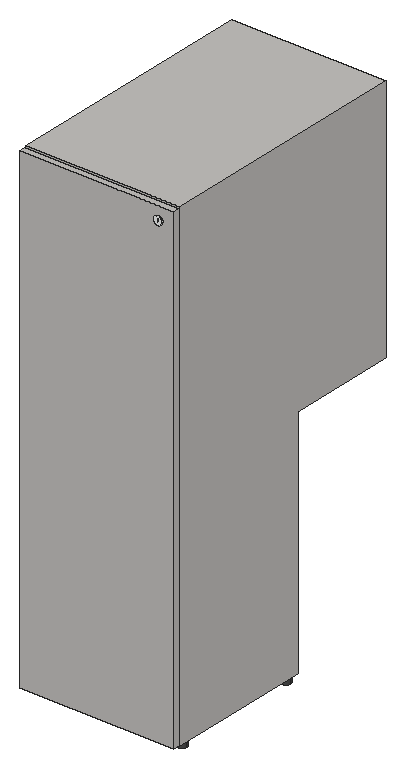
Revit family "Storage-Freestanding-Teknion-JNFBS_Beam_Tower_with_Solid_Door-R2016", category Furniture, Revit 2016
Family settings
  OmniClass Number = 23.40.20.00
  OmniClass Title = General Furniture and Specialties
  Work Plane-Based = No
  Always vertical = Yes
  Cut with Voids When Loaded = No
  Shared = Yes
  Room Calculation Point = No
Parameters (values of type "End of Station W/ Shelves")
  Width [instance] = 18.000"
  Warranty = "http://www.teknion.com/ca/papers/legal-canada"
  Unit Weight URL = "http://www.teknion.com/ca/tools/assets#&asset=bee6a381-b954-425e-8283-5a2de3a804f2,f828d448-4b62-4231-9e5f-9a8991c0ed77"
  URL = "www.teknion.com"
  Sustainability Data = "http://www.teknion.com/ca/tools/assets#&topic=216f99a5-57a0-44fc-b10a-9dee9b29ae4c&asset=444deb64-fe58-4b68-981e-f75e97781df7"
  Structural Post Visiblity [instance] = or(Has End of Station Storage Structural Post, [Has In-Line Storage Structural Post])  # yes
  Series = "CityLine"  # constant formula
  Product Page URL = "http://www.teknion.com/ca/products/product-details?productlineid=9ad2a26e-8e7a-673b-a6c8-ff05004460c4"
  Product Line = "CityLine"  # constant formula
  Product Documentation Link = "http://www.teknion.com/pricing/expansion-cityline/pdfs/JNFBS_ppg.pdf"
  Part Number = "JNFBS"  # constant formula
  Model = "JNFBSSS___E"
  Manufacturer Phone = "416-661-3370"  # constant formula
  Manufacturer Fax = "416.661.4586"  # constant formula
  Manufacturer Contact Information = "http://www.teknion.com/ca/contactus"
  Manufacturer Address = "1150 Flint Road, Toronto, ON. M3J 2J5. Canada"  # constant formula
  Manufacturer = "Teknion"  # constant formula
  Leg Paint Finish [instance] = Paint - Teknion - Mica - Very White
  In-Line = no
  Height [instance] = 57.000"
  Has In-Line Storage Structural Post [instance] = yes
  Has End of Station Storage Structural Post [instance] = no
  End of Station Offset = if(End of Station, 1.016", 0.000")  # 1.016"
  End of Station = yes
  End Of Station Feet Offset [instance] = if(End of Station, if(Depth = 30.000", 12.898", 6.898"), 0.000")  # 12.898"
  Door Front Finish [instance] = Laminate - Teknion - RV - Very White
  Description = "Beam Tower with Full Solid Door - Shelves, End of Station"
  Depth [instance] = 30.000"
  Case Finish [instance] = Laminate - Teknion - RV - Very White
  Bracket offset [instance] = if(Has End of Station Storage Structural Post, 3.150", 1.575")  # 1.575"
  Bracket Note [instance] = "Please choose one of the following below, if a Structural Post is needed."  # constant formula
  Available Width [instance] = "12, and 18 Inches"  # constant formula
  Available Heights [instance] = "42, 51, and 57 Inches"  # constant formula
  Available Depths [instance] = "24 and 30 Inches"  # constant formula
  Assembly Code = "E2020200"
  Actual Height [instance] = if(Height = 51.000", 50.830", Height)  # 57.000"
  Actual Depth [instance] = if(Depth = 24.000", 24.898", 30.898")  # 30.898"
Types (5): name | Width | Model | In-Line | Height | Has End of Station Storage Structural Post | End of Station Offset | End of Station | End Of Station Feet Offset | Description | Depth | Bracket offset | Actual Height | Actual Depth
  (no name) | 18.000" | "JNFBSSS___E" | no | 57.000" | no | 1.016" | yes | 12.898" | "Beam Tower with Full Solid Door - Shelves, End of Station" | 30.000" | 1.575" | 57.000" | 30.898"
  End of Station W/ Shelves | 18.000" | "JNFBSSS___E" | no | 57.000" | no | 1.016" | yes | 12.898" | "Beam Tower with Full Solid Door - Shelves, End of Station" | 30.000" | 1.575" | 57.000" | 30.898"
  In-Line W/ Shelves | 18.000" | "JNFBSSS___I" | yes | 57.000" | no | 0.000" | no | 0.000" | "Beam Tower with Full Solid Door - Shelves, In-Line Position" | 30.000" | 1.575" | 57.000" | 30.898"
  In-Line W/ Wardrobe | 18.000" | "JNFBSSW___I" | yes | 57.000" | no | 0.000" | no | 0.000" | "Beam Tower with Full Solid Door - Wardrobe, In-Line Position" | 30.000" | 1.575" | 57.000" | 30.898"
  End of Station W/ Wardrobe | 12.000" | "JNFBSSW___E" | no | 51.000" | yes | 1.016" | yes | 6.898" | "Beam Tower with Full Solid Door - Wardrobe, End of Station" | 24.000" | 3.150" | 50.830" | 24.898"
Reference planes (in)
  plane 1 "Center Front/Back": y = -3
  plane 2: z = 0
  plane 3 "Center Left/Right": x = 0
  plane 4 "Left": x = -9
  plane 5 "Right": x = 9
  plane 6 "Back": y = 12.449
  plane 7 "Front": y = -18.449
  plane 8 "Top": z = 57
  plane 9: z = 27.98425
  plane 10: y = -0.449
  plane 11: x = -7.984
  plane 12: y = -17.74821
  plane 13: y = -17.55136
  plane 14: z = 0.60236
  plane 15: y = -16.55136
  plane 16: x = 8.49
  plane 17: y = -1.449
  plane 18: y = 11.449
  plane 19: x = -8.49
  plane 20: x = 7.17
  plane 21: z = 55.313
  plane 22: z = 0.72047
  plane 23: z = 56.88189
  plane 24: y = -18.50806
  plane 25: x = -8.45713
  plane 26: x = -5.82327
  plane 27: y = 14.02361
  plane 28: x = -7.83508
  plane 29: y = 12.82282
  plane 30: y = 12.07479
  plane 31: z = 27.07185
  plane 32: x = -7.87642
  plane 33: z = 23.7874
  plane 34: x = -8.45713
  plane 35: y = 13.90569
  plane 36: y = 10.99231
  plane 37: z = 27.07185
  plane 38: z = 23.7874
  plane 39: x = -7.83508
  plane 40: x = -6.33508
  plane 41: y = 13.199
  plane 42: y = 11.699
  plane 43: z = 1
  plane 44: z = 23.59941
  plane 45: z = 27.25984
  plane 46: z = 23.7874
  plane 47: z = 27.07185
  plane 48: x = -7.68941
  plane 49: x = -6.48075
  plane 50: y = 13.05333
  plane 51: y = 11.84467
  plane 52: y = 10.874
Forms (in)
  Extrusion 1, solid, material "Laminate - Teknion - RV - Very White" <- "Case Finish"
    sketch origin (5.266, 5.85236, 0) x (1, 0, 0) y (0, 1, 0)
      loop
        line (-14.266, 6.59664) -> (-14.266, -23.40372) -> (3.734, -23.40372) -> (3.734, 6.59664) -> (-14.266, 6.59664)
    from 0.60236 to 57
  Extrusion 2, void
    sketch origin (0, 0, 0) x (1, 0, 0) y (0, 1, 0)
      loop
        line (-7.984, 12.449) -> (-7.984, -0.449) -> (9, -0.449) -> (9, 12.449) -> (-7.984, 12.449)
    from 0 to 27.98425
  Extrusion 3, solid, material "Laminate - Teknion - RV - Very White" <- "Door Front Finish"
    sketch origin (0, 0, 0) x (1, 0, 0) y (0, 1, 0)
      loop
        line (-9, -17.74821) -> (-9, -18.449) -> (9, -18.449) -> (9, -17.74821) -> (-9, -17.74821)
    from 0.72047 to 56.88189
  Extrusion 4, solid, material "Plastic - Teknion - E - Ebony"
    sketch origin (0, 0, 0) x (1, 0, 0) y (0, 1, 0)
      loop
        circle (-8.49, 11.449) r 0.5
      loop
        circle (8.49, -1.449) r 0.5
      loop
        circle (8.49, -16.55136) r 0.5
      loop
        circle (-8.49, -16.55136) r 0.5
    from 0 to 0.60236
  Extrusion 5, solid, material "Paint - Teknion - Mica - Very White"
    sketch origin (0, -3, 0) x (1, 0, 0) y (0, 0, 1)
      loop
        line (7.121, 55.5) -> (7.121, 55.126) -> (7.219, 55.126) -> (7.219, 55.5) -> (7.121, 55.5)
      loop
        circle (7.17, 55.313) r 0.5
    from 15.449 to 15.50806
  Extrusion 6, solid, material "Paint - Teknion - Mica - Very White" <- "Leg Paint Finish", visible <- "Structural Post Visiblity"
    sketch origin (0, 0, 0) x (1, 0, 0) y (0, 1, 0)
      loop
        line (-8.45713, 12.82282) -> (-7.83508, 12.82282) -> (-7.83508, 12.07479) -> (-8.45713, 12.07479) -> (-8.45713, 10.874) -> (-5.82327, 10.874) -> (-5.82327, 14.02361) -> (-8.45713, 14.02361) -> (-8.45713, 12.82282)
    from 23.59941 to 27.25984
  Extrusion 7, void
    sketch origin (0, -3, 0) x (1, 0, 0) y (0, 0, 1)
      loop
        line (-8.45713, 23.7874) -> (-7.87642, 23.7874) -> (-7.87642, 27.07185) -> (-8.45713, 27.07185) -> (-8.45713, 23.7874)
    from -17.02361 to -13.199
  Extrusion 8, void
    sketch origin (9, 0, 0) x (0, 1, 0) y (0, 0, -1)
      loop
        line (13.90569, -27.07185) -> (13.90569, -23.7874) -> (10.99231, -23.7874) -> (10.99231, -27.07185) -> (13.90569, -27.07185)
    from 14.82327 to 17.45713
  Extrusion 9, solid, material "Paint - Teknion - Mica - Very White" <- "Leg Paint Finish", visible <- "Structural Post Visiblity"
    sketch origin (0, 0, 0) x (1, 0, 0) y (0, 1, 0)
      loop
        line (-7.83508, 13.199) -> (-7.83508, 11.699) -> (-6.33508, 11.699) -> (-6.33508, 13.199) -> (-7.83508, 13.199)
    from 1 to 23.59941
  Extrusion 10, solid, material "Paint - Teknion - Mica - Very White" <- "Leg Paint Finish", visible <- "Structural Post Visiblity"
    sketch origin (0, 0, 0) x (1, 0, 0) y (0, 1, 0)
      loop
        line (-7.68941, 13.05333) -> (-7.68941, 11.84467) -> (-6.48075, 11.84467) -> (-6.48075, 13.05333) -> (-7.68941, 13.05333)
    from 0 to 1
Cuts and joins
  Extrusion 2 cuts Extrusion 1
  Extrusion 7 cuts Extrusion 3
  Extrusion 7, Extrusion 8 cuts Extrusion 6
Lines and regions (in)
  Masking region 1
    outline origin (0, 0, 0) x (1, 0, 0) y (0, 1, 0)
      loop
        line (-9, 12.449) -> (-9, -17.55136) -> (9, -17.55136) -> (9, 12.449) -> (-9, 12.449)
      loop
        line (-9, -17.74821) -> (-9, -18.449) -> (9, -18.449) -> (9, -17.74821) -> (-9, -17.74821)
  Masking region 2
    outline origin (0, 0, 0) x (1, 0, 0) y (0, 1, 0)
      loop
        line (6.66903, -18.449) -> (6.66903, -18.50806) -> (7.66903, -18.50806) -> (7.66903, -18.449) -> (6.66903, -18.449)
  Masking region 3, visible <- "Structural Post Visiblity", detail levels medium+fine
    outline origin (0, 0, 0) x (1, 0, 0) y (0, 1, 0)
      loop
        line (-8.45713, 14.02361) -> (-8.45713, 12.82282) -> (-7.83508, 12.82282) -> (-7.83508, 12.07479) -> (-8.45713, 12.07479) -> (-8.45713, 10.874) -> (-5.82327, 10.874) -> (-5.82327, 14.02361) -> (-8.45713, 14.02361)
  symbolic lines, style "FurnitureHiddenLines", detail levels medium+fine
    curve 1: line (-7.984, -0.449, 0) -> (9, -0.449, 0)
    curve 2: line (-7.984, -0.449, 0) -> (-7.984, 12.449, 0)
  symbolic lines, style "FurnitureHiddenLines", visible <- "Structural Post Visiblity", detail levels fine
    curve 3: arc (-7.99, 11.449, 0) -> (-8.49, 11.949, 0) -> (-8.99, 11.449, 0) r 0.5
    curve 4: arc (-8.99, 11.449, 0) -> (-8.49, 10.949, 0) -> (-7.99, 11.449, 0) r 0.5
    curve 19: line (-7.68941, 11.84467, 0) -> (-6.48075, 11.84467, 0)
    curve 20: line (-6.48075, 11.84467, 0) -> (-6.48075, 13.05333, 0)
    curve 21: line (-6.48075, 13.05333, 0) -> (-7.68941, 13.05333, 0)
    curve 22: line (-7.68941, 13.05333, 0) -> (-7.68941, 11.84467, 0)
  symbolic lines, style "FurnitureHiddenLines", detail levels fine
    curve 5: arc (8.99, -1.449, 0) -> (8.49, -0.949, 0) -> (7.99, -1.449, 0) r 0.5
    curve 6: arc (7.99, -1.449, 0) -> (8.49, -1.949, 0) -> (8.99, -1.449, 0) r 0.5
    curve 7: arc (8.99, -16.55136, 0) -> (8.49, -16.05136, 0) -> (7.99, -16.55136, 0) r 0.5
    curve 8: arc (7.99, -16.55136, 0) -> (8.49, -17.05136, 0) -> (8.99, -16.55136, 0) r 0.5
    curve 9: arc (-7.99, -16.55136, 0) -> (-8.49, -16.05136, 0) -> (-8.99, -16.55136, 0) r 0.5
    curve 10: arc (-8.99, -16.55136, 0) -> (-8.49, -17.05136, 0) -> (-7.99, -16.55136, 0) r 0.5
  reference lines
    curve 11: line (-9, 12.449, 0) -> (9, 12.449, 0)
    curve 12: line (9, 12.449, 0) -> (9, -18.449, 0)
    curve 13: line (-9, -18.449, 0) -> (9, -18.449, 0)
    curve 14: line (-9, 12.449, 0) -> (-9, -18.449, 0)
  symbolic lines, style "FurnitureHiddenLines", visible <- "Structural Post Visiblity", detail levels medium+fine
    curve 15: line (-6.33508, 13.199, 0) -> (-7.83508, 13.199, 0)
    curve 16: line (-7.83508, 13.199, 0) -> (-7.83508, 11.699, 0)
    curve 17: line (-7.83508, 11.699, 0) -> (-6.33508, 11.699, 0)
    curve 18: line (-6.33508, 11.699, 0) -> (-6.33508, 13.199, 0)
Dimensions and locks (in)
  "Width": plane 4 "Left" to plane 5 "Right"
  "Actual Depth": plane 6 "Back" to plane 7 "Front"
  "Height": plane 8 "Top" to level
  equal spacing: plane 4 "Left", plane 3 "Center Left/Right", plane 5 "Right"
  locked: plane 10 to plane 7 "Front" at 18
  equal spacing: plane 6 "Back", plane 1 "Center Front/Back", plane 7 "Front"
  "End of Station Offset": plane 4 "Left" to plane 11
  plane 7 "Front" to plane 12 to plane 13 = 0.70079" locked, 0.19685" locked
  plane 9 to plane 14 to level = 27.38189" locked, 0.60236" locked
  plane 7 "Front" to plane 15 to plane 17 = 1.89764" locked, 15.10236" locked
  locked: plane 4 "Left" to plane 19 at 0.51
  locked: plane 16 to plane 5 "Right" at 0.51
  "End Of Station Feet Offset": plane 18 to plane 17
  locked: Extrusion 4 sketch curve to plane 16 at 0  (x2)
  locked: Extrusion 4 sketch curve to plane 17 at 0
  locked: Extrusion 4 sketch curve to plane 15 at 0  (x2)
  locked: Extrusion 4 sketch curve to plane 19 at 0  (x2)
  locked: Extrusion 4 sketch curve to plane 18 at 0
  locked: Extrusion 4 sketch curve to Extrusion 4 sketch curve at 1  (x4)
  locked: plane 20 to plane 5 "Right" at 1.83
  locked: plane 8 "Top" to plane 21 at 1.687
  Extrusion 5 sketch curve to plane 20 to Extrusion 5 sketch curve = 0.049" locked, 0.049" locked
  Extrusion 5 sketch curve to plane 21 to Extrusion 5 sketch curve = 0.187" locked, 0.187" locked
  Extrusion 5 sketch curve to plane 20 to Extrusion 5 sketch curve = 0.500" locked, 0.500" locked
  locked: plane 8 "Top" to plane 23 at 0.11811
  locked: plane 24 to plane 7 "Front" at 0.05906
  Masking region 2 sketch curve to Masking region 2 sketch curve to plane 5 "Right" = 1.000" locked, 1.33097" locked
  plane 4 "Left" to plane 25 to plane 28 to plane 26 = 0.54287" locked, 0.62205" locked, 2.01181" locked
  plane 34 to cut or joined group of Extrusion 6, Extrusion 7, Extrusion 8 to plane 32 = 0.000" locked, 0.58071" locked
  plane 33 to plane 31 to plane 9 = 3.28445" locked, 0.9124" locked
  plane 38 to plane 37 to plane 9 = 3.28445" locked, 0.9124" locked
  plane 4 "Left" to plane 39 to plane 40 = 1.16492" locked, 1.500" locked
  plane 45 to plane 47 to plane 46 to plane 44 to plane 43 to plane 2 = 0.18799" locked, 3.28445" locked, 0.18799" locked, 22.59941" locked, 1.000" locked
  plane 4 "Left" to plane 48 to plane 49 = 1.31059" locked, 1.20866" locked
  plane 50 to plane 51 to plane 52 = 1.20866" locked, 0.97067" locked
  "Bracket offset": plane 6 "Back" to plane 52
  plane 27 to plane 29 to plane 30 to plane 52 = 1.20079" locked, 0.74803" locked, 1.20079" locked
  plane 35 to plane 36 to plane 52 = 2.91339" locked, 0.11831" locked
  plane 52 to plane 42 to plane 41 = 0.825" locked, 1.500" locked
  aligned and locked: level to plane 2
  aligned and locked: Extrusion 1 sketch curve to plane 6 "Back"
  aligned and locked: Extrusion 1 sketch curve to plane 4 "Left"
  aligned and locked: plane 5 "Right" to Extrusion 1 sketch curve
  aligned and locked: plane 8 "Top" to Extrusion 1
  aligned and locked: Extrusion 2 sketch curve to plane 6 "Back"
  aligned and locked: plane 11 to Extrusion 2 sketch curve
  aligned and locked: plane 10 to Extrusion 2 sketch curve
  aligned and locked: plane 5 "Right" to Extrusion 2 sketch curve
  aligned and locked: cut or joined group of Extrusion 1, Extrusion 2 to level
  aligned and locked: cut or joined group of Extrusion 1, Extrusion 2 to plane 9
  aligned and locked: plane 13 to cut or joined group of Extrusion 1, Extrusion 2
  aligned and locked: plane 12 to Extrusion 3 sketch curve
  aligned and locked: Extrusion 3 sketch curve to plane 4 "Left"
  aligned and locked: plane 5 "Right" to Extrusion 3 sketch curve
  aligned and locked: Extrusion 3 sketch curve to plane 7 "Front"
  aligned and locked: plane 14 to cut or joined group of Extrusion 1, Extrusion 2
  aligned and locked: Extrusion 4 to level
  aligned and locked: Extrusion 4 to plane 14
  aligned and locked: Extrusion 3 to plane 23
  aligned and locked: plane 22 to Extrusion 3
  aligned and locked: Extrusion 5 to plane 7 "Front"
  aligned and locked: plane 24 to Extrusion 5
  aligned and locked: Masking region 1 sketch curve to plane 6 "Back"
  aligned and locked: plane 5 "Right" to Masking region 1 sketch curve  (x2)
  aligned and locked: Masking region 1 sketch curve to plane 13
  aligned and locked: plane 12 to Masking region 1 sketch curve
  aligned and locked: Masking region 1 sketch curve to plane 7 "Front"
  aligned and locked: Masking region 1 sketch curve to plane 4 "Left"  (x2)
  aligned and locked: curve 3 to Extrusion 4
  aligned and locked: curve 4 to Extrusion 4
  aligned and locked: curve 5 to Extrusion 4
  aligned and locked: curve 6 to Extrusion 4
  aligned and locked: curve 7 to Extrusion 4
  aligned and locked: curve 8 to Extrusion 4
  aligned and locked: curve 9 to Extrusion 4
  aligned and locked: curve 10 to Extrusion 4
  aligned and locked: curve 11 to plane 6 "Back"
  aligned and locked: plane 5 "Right" to curve 12
  aligned and locked: plane 7 "Front" to curve 13
  aligned and locked: curve 14 to plane 4 "Left"
  aligned and locked: plane 25 to Extrusion 6 sketch curve
  aligned and locked: Extrusion 6 sketch curve to plane 25
  aligned and locked: plane 30 to Extrusion 6 sketch curve
  aligned and locked: Extrusion 6 sketch curve to plane 28
  aligned and locked: Extrusion 6 sketch curve to plane 29
  aligned and locked: Extrusion 6 sketch curve to plane 27
  aligned and locked: Extrusion 6 sketch curve to plane 26
  aligned and locked: Extrusion 7 sketch curve to plane 34
  aligned and locked: plane 32 to Extrusion 7 sketch curve
  aligned and locked: Extrusion 9 sketch curve to plane 40
  aligned and locked: Extrusion 9 sketch curve to plane 41
  aligned and locked: plane 39 to Extrusion 9 sketch curve
  aligned and locked: plane 42 to Extrusion 9 sketch curve
  aligned and locked: plane 43 to Extrusion 9
  aligned and locked: Extrusion 9 to plane 43
  aligned and locked: Extrusion 10 sketch curve to plane 48
  aligned and locked: plane 49 to Extrusion 10 sketch curve
  aligned and locked: Extrusion 10 sketch curve to plane 50
  aligned and locked: plane 51 to Extrusion 10 sketch curve
  aligned and locked: Extrusion 10 to plane 43
  aligned and locked: Extrusion 10 to plane 2
  aligned and locked: Extrusion 6 to plane 45
  aligned and locked: Extrusion 6 to plane 44
  aligned and locked: Extrusion 8 sketch curve to plane 35
  aligned and locked: plane 36 to Extrusion 8 sketch curve
  aligned and locked: Extrusion 8 sketch curve to plane 37
  aligned and locked: plane 38 to Extrusion 8 sketch curve
  aligned and locked: Extrusion 7 sketch curve to plane 31
  aligned and locked: Extrusion 7 sketch curve to plane 33
  aligned and locked: Extrusion 6 to Extrusion 8  (x2)
  aligned and locked: curve 15 to Extrusion 9
  aligned and locked: curve 16 to Extrusion 9
  aligned and locked: curve 17 to Extrusion 9
  aligned and locked: curve 18 to Extrusion 9
  aligned and locked: Extrusion 9 to plane 44
  aligned and locked: curve 21 to Extrusion 10
  aligned and locked: plane 11 to curve 2
  aligned and locked: Extrusion 7 to cut or joined group of Extrusion 6, Extrusion 7, Extrusion 8
  aligned and locked: cut or joined group of Extrusion 6, Extrusion 7, Extrusion 8 to Extrusion 7
  aligned and locked: Masking region 3 sketch curve to cut or joined group of Extrusion 6, Extrusion 7, Extrusion 8  (x7)
  aligned and locked: cut or joined group of Extrusion 6, Extrusion 7, Extrusion 8 to Masking region 3 sketch curve
  aligned and locked: Extrusion 6 sketch curve to plane 52
Automatic sketch dimensions
  Extrusion 1 sketch curve to plane 7 "Front" = 0.89764"
  Extrusion 5 sketch curve to plane 20 = 0.000"
  Extrusion 5 sketch curve to plane 21 = 0.000"
  Masking region 2 sketch curve to plane 24 = 0.000"
  plane 7 "Front" to Masking region 2 sketch curve = 0.000"
  curve 2 to plane 6 "Back" = 0.000"
  curve 2 to plane 10 = 0.000"
  curve 1 to plane 5 "Right" = 0.000"
  curve 15 to curve 22 = 0.14567"
  curve 19 to curve 17 = 0.14567"
  curve 17 to curve 19 = 0.14567"
  Extrusion 6 sketch curve to plane 29 = 0.000"
  radius of Extrusion 5 sketch curve = 0.500"
  radius of Extrusion 4 sketch curve = 0.500"  (x4)
